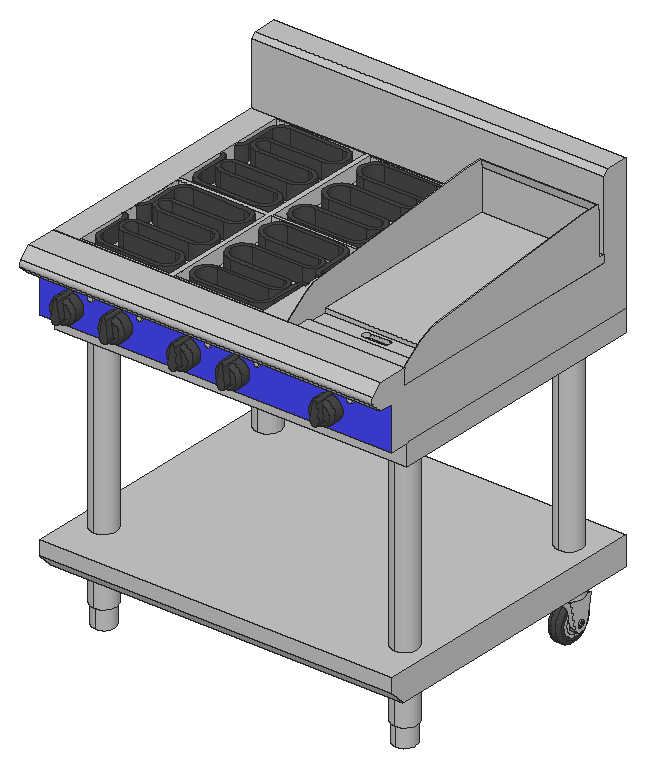
Revit family "QF_MOFFAT_BLUESEAL_CE_E516C-LS", category Specialty Equipment, Revit 2012 (continued)
Definition of nested family "ELECTRIC BURNER 600 & GRIDDLE 300"
  Lines and regions (mm)
    symbolic lines
      curve 13: line (534.388, -141.293, 0) -> (534.388, -130.9, 0)
      curve 14: arc (534.388, -130.9, 0) -> (527.028, -125.276, 0) -> (524.088, -116.493, 0) r 15.79
      curve 15: line (524.088, -116.493, 0) -> (524.088, -45.214, 0)
      curve 16: arc (524.088, -45.214, 0) -> (512.487, -19.649, 0) -> (486.216, -9.75, 0) r 36.722
      curve 17: line (486.216, -9.75, 0) -> (353.788, -9.75, 0)
      curve 18: arc (353.788, -9.75, 0) -> (316.088, -47.45, 0) -> (353.788, -85.15, 0) r 37.7
      curve 19: line (353.788, -85.15, 0) -> (486.388, -85.15, 0)
      curve 20: arc (486.388, -85.15, 0) -> (504.088, -102.85, 0) -> (486.388, -120.55, 0) r 17.7
      curve 21: line (486.388, -120.55, 0) -> (353.788, -120.55, 0)
      curve 22: arc (353.788, -120.55, 0) -> (316.088, -158.25, 0) -> (353.788, -195.95, 0) r 37.7
      curve 23: line (353.788, -195.95, 0) -> (486.388, -195.95, 0)
      curve 24: arc (486.388, -195.95, 0) -> (504.088, -213.65, 0) -> (486.388, -231.35, 0) r 17.7
      curve 25: line (486.388, -231.35, 0) -> (353.788, -231.35, 0)
      curve 26: arc (353.788, -231.35, 0) -> (316.088, -269.05, 0) -> (353.788, -306.75, 0) r 37.7
      curve 27: line (353.788, -306.75, 0) -> (486.216, -306.75, 0)
      curve 28: arc (486.216, -306.75, 0) -> (512.487, -296.851, 0) -> (524.088, -271.286, 0) r 36.722
      curve 29: line (524.088, -271.286, 0) -> (524.088, -200.019, 0)
      curve 30: arc (524.088, -200.019, 0) -> (527.036, -191.21, 0) -> (534.388, -185.532, 0) r 15.973
      curve 31: line (534.388, -185.532, 0) -> (534.388, -175.119, 0)
      curve 32: arc (534.388, -175.119, 0) -> (519.963, -184.005, 0) -> (514.088, -199.896, 0) r 25.973
      curve 33: line (514.088, -199.896, 0) -> (514.088, -271.104, 0)
      curve 34: arc (514.088, -271.104, 0) -> (505.541, -289.655, 0) -> (486.388, -296.75, 0) r 26.722
      curve 35: line (486.388, -296.75, 0) -> (353.788, -296.75, 0)
      curve 36: arc (353.788, -296.75, 0) -> (326.088, -269.05, 0) -> (353.788, -241.35, 0) r 27.7
      curve 37: line (353.788, -241.35, 0) -> (485.763, -241.35, 0)
      curve 38: arc (485.763, -241.35, 0) -> (513.463, -213.65, 0) -> (485.763, -185.95, 0) r 27.7
      curve 39: line (485.763, -185.95, 0) -> (353.788, -185.95, 0)
      curve 40: arc (353.788, -185.95, 0) -> (326.088, -158.25, 0) -> (353.788, -130.55, 0) r 27.7
      curve 41: line (353.788, -130.55, 0) -> (486.231, -130.55, 0)
      curve 42: arc (486.231, -130.55, 0) -> (513.931, -102.85, 0) -> (486.231, -75.15, 0) r 27.7
      curve 43: line (486.231, -75.15, 0) -> (353.788, -75.15, 0)
      curve 44: arc (353.788, -75.15, 0) -> (326.088, -47.45, 0) -> (353.788, -19.75, 0) r 27.7
      curve 45: line (113.612, -19.75, 0) -> (246.212, -19.75, 0)
      curve 46: arc (246.212, -19.75, 0) -> (273.912, -47.45, 0) -> (246.212, -75.15, 0) r 27.7
      curve 47: line (246.212, -75.15, 0) -> (113.769, -75.15, 0)
      curve 48: arc (113.769, -75.15, 0) -> (86.069, -102.85, 0) -> (113.769, -130.55, 0) r 27.7
      curve 49: line (113.769, -130.55, 0) -> (246.212, -130.55, 0)
      curve 50: arc (246.212, -130.55, 0) -> (273.912, -158.25, 0) -> (246.212, -185.95, 0) r 27.7
      curve 51: line (246.212, -185.95, 0) -> (114.237, -185.95, 0)
      curve 52: arc (114.237, -185.95, 0) -> (86.537, -213.65, 0) -> (114.237, -241.35, 0) r 27.7
      curve 53: line (114.237, -241.35, 0) -> (246.212, -241.35, 0)
      curve 54: arc (246.212, -241.35, 0) -> (273.912, -269.05, 0) -> (246.212, -296.75, 0) r 27.7
      curve 55: line (246.212, -296.75, 0) -> (113.612, -296.75, 0)
      curve 56: arc (113.612, -296.75, 0) -> (94.459, -289.655, 0) -> (85.912, -271.104, 0) r 26.722
      curve 57: line (85.912, -271.104, 0) -> (85.912, -199.896, 0)
      curve 58: arc (85.912, -199.896, 0) -> (80.037, -184.005, 0) -> (65.612, -175.119, 0) r 25.973
      curve 59: line (65.612, -175.119, 0) -> (65.612, -185.532, 0)
      curve 60: arc (65.612, -185.532, 0) -> (72.964, -191.21, 0) -> (75.912, -200.019, 0) r 15.973
      curve 61: line (75.912, -200.019, 0) -> (75.912, -271.286, 0)
      curve 62: arc (75.912, -271.286, 0) -> (87.513, -296.851, 0) -> (113.784, -306.75, 0) r 36.722
      curve 63: line (113.784, -306.75, 0) -> (246.212, -306.75, 0)
      curve 64: arc (246.212, -306.75, 0) -> (283.912, -269.05, 0) -> (246.212, -231.35, 0) r 37.7
      curve 65: line (246.212, -231.35, 0) -> (113.612, -231.35, 0)
      curve 66: arc (113.612, -231.35, 0) -> (95.912, -213.65, 0) -> (113.612, -195.95, 0) r 17.7
      curve 67: line (113.612, -195.95, 0) -> (246.212, -195.95, 0)
      curve 68: arc (246.212, -195.95, 0) -> (283.912, -158.25, 0) -> (246.212, -120.55, 0) r 37.7
      curve 69: line (246.212, -120.55, 0) -> (113.612, -120.55, 0)
      curve 70: arc (113.612, -120.55, 0) -> (95.912, -102.85, 0) -> (113.612, -85.15, 0) r 17.7
      curve 71: line (113.612, -85.15, 0) -> (246.212, -85.15, 0)
      curve 72: arc (246.212, -85.15, 0) -> (283.912, -47.45, 0) -> (246.212, -9.75, 0) r 37.7
      curve 73: line (246.212, -9.75, 0) -> (113.784, -9.75, 0)
      curve 74: arc (113.784, -9.75, 0) -> (87.513, -19.649, 0) -> (75.912, -45.214, 0) r 36.722
      curve 75: line (75.912, -45.214, 0) -> (75.912, -116.493, 0)
      curve 76: arc (75.912, -116.493, 0) -> (72.972, -125.276, 0) -> (65.612, -130.9, 0) r 15.79
      curve 77: line (65.612, -130.9, 0) -> (65.612, -141.293, 0)
      curve 78: arc (65.612, -141.293, 0) -> (80.048, -132.472, 0) -> (85.912, -116.604, 0) r 25.79
      curve 79: line (85.912, -116.604, 0) -> (85.912, -45.396, 0)
      curve 80: arc (85.912, -45.396, 0) -> (94.459, -26.845, 0) -> (113.612, -19.75, 0) r 26.722
      curve 81: line (246.212, -387.65, 0) -> (114.862, -387.65, 0)
      curve 82: arc (114.862, -387.65, 0) -> (87.162, -415.35, 0) -> (114.862, -443.05, 0) r 27.7
      curve 83: line (114.862, -443.05, 0) -> (246.212, -443.05, 0)
      curve 84: arc (246.212, -443.05, 0) -> (273.912, -470.75, 0) -> (246.212, -498.45, 0) r 27.7
      curve 85: line (246.212, -498.45, 0) -> (114.862, -498.45, 0)
      curve 86: arc (114.862, -498.45, 0) -> (87.162, -526.15, 0) -> (114.862, -553.85, 0) r 27.7
      curve 87: line (114.862, -553.85, 0) -> (246.212, -553.85, 0)
      curve 88: arc (246.212, -553.85, 0) -> (273.912, -581.55, 0) -> (246.212, -609.25, 0) r 27.7
      curve 89: line (246.212, -609.25, 0) -> (113.612, -609.25, 0)
      curve 90: arc (113.612, -609.25, 0) -> (94.459, -602.155, 0) -> (85.912, -583.604, 0) r 26.722
      curve 91: line (85.912, -583.604, 0) -> (85.912, -512.396, 0)
      curve 92: arc (85.912, -512.396, 0) -> (79.848, -496.287, 0) -> (65, -487.582, 0) r 25.79
      curve 93: line (65, -487.582, 0) -> (65, -497.888, 0)
      curve 94: arc (65, -497.888, 0) -> (72.781, -503.462, 0) -> (75.912, -512.507, 0) r 15.79
      curve 95: line (75.912, -512.507, 0) -> (75.912, -583.786, 0)
      curve 96: arc (75.912, -583.786, 0) -> (87.513, -609.351, 0) -> (113.784, -619.25, 0) r 36.722
      curve 97: line (113.784, -619.25, 0) -> (246.212, -619.25, 0)
      curve 98: arc (246.212, -619.25, 0) -> (283.912, -581.55, 0) -> (246.212, -543.85, 0) r 37.7
      curve 99: line (246.212, -543.85, 0) -> (113.612, -543.85, 0)
      curve 100: arc (113.612, -543.85, 0) -> (95.912, -526.15, 0) -> (113.612, -508.45, 0) r 17.7
      curve 101: line (113.612, -508.45, 0) -> (246.212, -508.45, 0)
      curve 102: arc (246.212, -508.45, 0) -> (283.912, -470.75, 0) -> (246.212, -433.05, 0) r 37.7
      curve 103: line (246.212, -433.05, 0) -> (113.612, -433.05, 0)
      curve 104: arc (113.612, -433.05, 0) -> (95.912, -415.35, 0) -> (113.612, -397.65, 0) r 17.7
      curve 105: line (113.612, -397.65, 0) -> (246.212, -397.65, 0)
      curve 106: arc (246.212, -397.65, 0) -> (283.912, -359.95, 0) -> (246.212, -322.25, 0) r 37.7
      curve 107: line (246.212, -322.25, 0) -> (113.784, -322.25, 0)
      curve 108: arc (113.784, -322.25, 0) -> (87.513, -332.149, 0) -> (75.912, -357.714, 0) r 36.722
      curve 109: line (75.912, -357.714, 0) -> (75.912, -428.981, 0)
      curve 110: arc (75.912, -428.981, 0) -> (72.964, -437.79, 0) -> (65.612, -443.468, 0) r 15.973
      curve 111: line (65.612, -443.468, 0) -> (65.612, -453.881, 0)
      curve 112: arc (65.612, -453.881, 0) -> (80.037, -444.995, 0) -> (85.912, -429.104, 0) r 25.973
      curve 113: line (85.912, -429.104, 0) -> (85.912, -357.896, 0)
      curve 114: arc (85.912, -357.896, 0) -> (94.459, -339.345, 0) -> (113.612, -332.25, 0) r 26.722
      curve 115: line (113.612, -332.25, 0) -> (246.212, -332.25, 0)
      curve 116: arc (246.212, -332.25, 0) -> (273.912, -359.95, 0) -> (246.212, -387.65, 0) r 27.7
      curve 117: line (353.788, -397.65, 0) -> (486.388, -397.65, 0)
      curve 118: arc (486.388, -397.65, 0) -> (504.088, -415.35, 0) -> (486.388, -433.05, 0) r 17.7
      curve 119: line (486.388, -433.05, 0) -> (353.788, -433.05, 0)
      curve 120: arc (353.788, -433.05, 0) -> (316.088, -470.75, 0) -> (353.788, -508.45, 0) r 37.7
      curve 121: line (353.788, -508.45, 0) -> (486.388, -508.45, 0)
      curve 122: arc (486.388, -508.45, 0) -> (504.088, -526.15, 0) -> (486.388, -543.85, 0) r 17.7
      curve 123: line (486.388, -543.85, 0) -> (353.788, -543.85, 0)
      curve 124: arc (353.788, -543.85, 0) -> (316.088, -581.55, 0) -> (353.788, -619.25, 0) r 37.7
      curve 125: line (353.788, -619.25, 0) -> (486.216, -619.25, 0)
      curve 126: arc (486.216, -619.25, 0) -> (512.487, -609.351, 0) -> (524.088, -583.786, 0) r 36.722
      curve 127: line (524.088, -583.786, 0) -> (524.088, -512.507, 0)
      curve 128: arc (524.088, -512.507, 0) -> (527.219, -503.462, 0) -> (535, -497.888, 0) r 15.79
      curve 129: line (535, -497.888, 0) -> (535, -487.582, 0)
      curve 130: arc (535, -487.582, 0) -> (520.152, -496.287, 0) -> (514.088, -512.396, 0) r 25.79
      curve 131: line (514.088, -512.396, 0) -> (514.088, -583.604, 0)
      curve 132: arc (514.088, -583.604, 0) -> (505.541, -602.155, 0) -> (486.388, -609.25, 0) r 26.722
      curve 133: line (486.388, -609.25, 0) -> (353.788, -609.25, 0)
      curve 134: arc (353.788, -609.25, 0) -> (326.088, -581.55, 0) -> (353.788, -553.85, 0) r 27.7
      curve 135: line (353.788, -553.85, 0) -> (485.138, -553.85, 0)
      curve 136: arc (485.138, -553.85, 0) -> (512.838, -526.15, 0) -> (485.138, -498.45, 0) r 27.7
      curve 137: line (485.138, -498.45, 0) -> (353.788, -498.45, 0)
      curve 138: arc (353.788, -498.45, 0) -> (326.088, -470.75, 0) -> (353.788, -443.05, 0) r 27.7
      curve 139: line (353.788, -443.05, 0) -> (485.138, -443.05, 0)
      curve 140: arc (485.138, -443.05, 0) -> (512.838, -415.35, 0) -> (485.138, -387.65, 0) r 27.7
      curve 141: line (485.138, -387.65, 0) -> (353.788, -387.65, 0)
      curve 142: arc (353.788, -387.65, 0) -> (326.088, -359.95, 0) -> (353.788, -332.25, 0) r 27.7
      curve 143: line (353.788, -332.25, 0) -> (486.388, -332.25, 0)
      curve 144: arc (486.388, -332.25, 0) -> (505.541, -339.345, 0) -> (514.088, -357.896, 0) r 26.722
      curve 145: line (514.088, -357.896, 0) -> (514.088, -429.104, 0)
      curve 146: arc (514.088, -429.104, 0) -> (519.963, -444.995, 0) -> (534.388, -453.881, 0) r 25.973
      curve 147: line (534.388, -453.881, 0) -> (534.388, -443.468, 0)
      curve 148: arc (534.388, -443.468, 0) -> (527.036, -437.79, 0) -> (524.088, -428.981, 0) r 15.973
      curve 149: line (524.088, -428.981, 0) -> (524.088, -357.714, 0)
      curve 150: arc (524.088, -357.714, 0) -> (512.487, -332.149, 0) -> (486.216, -322.25, 0) r 36.722
      curve 151: line (486.216, -322.25, 0) -> (353.788, -322.25, 0)
      curve 152: arc (353.788, -322.25, 0) -> (316.088, -359.95, 0) -> (353.788, -397.65, 0) r 37.7
      curve 153: line (0, 0, 0) -> (0, -635, 0)
      curve 154: line (0, -635, 0) -> (600, -635, 0)
      curve 155: line (600, -635, 0) -> (600, 0, 0)
      curve 156: line (600, 0, 0) -> (0, 0, 0)
      curve 157: line (65.8, -320.251, 0) -> (294.362, -320.251, 0)
      curve 158: line (294.362, -320.251, 0) -> (294.362, -630, 0)
      curve 159: line (294.362, -630, 0) -> (65.8, -630, 0)
      curve 160: line (65.8, -630, 0) -> (65.8, -320.251, 0)
      curve 161: line (305.638, -320.251, 0) -> (534.388, -320.251, 0)
      curve 162: line (534.388, -320.251, 0) -> (534.388, -630, 0)
      curve 163: line (534.388, -630, 0) -> (305.638, -630, 0)
      curve 164: line (305.638, -630, 0) -> (305.638, -320.251, 0)
      curve 165: line (305.638, -312.651, 0) -> (305.638, -5, 0)
      curve 166: line (305.638, -5, 0) -> (534.388, -5, 0)
      curve 167: line (534.388, -5, 0) -> (534.388, -312.651, 0)
      curve 168: line (534.388, -312.651, 0) -> (305.638, -312.651, 0)
      curve 169: line (65.8, -312.651, 0) -> (65.8, -5, 0)
      curve 170: line (65.8, -5, 0) -> (294.362, -5, 0)
      curve 171: line (294.362, -5, 0) -> (294.362, -312.651, 0)
      curve 172: line (294.362, -312.651, 0) -> (65.8, -312.651, 0)
  Dimensions and locks
    equal spacing: plane 3 "LEFT", plane 7 "Center Y", plane 4 "RIGHT"
    "Width": plane 3 "LEFT" to plane 4 "RIGHT"
    equal spacing: plane 5 "FRONT", plane 8 "Center X", plane 1 "BACK"
    "Depth": plane 5 "FRONT" to plane 1 "BACK"
    aligned and locked: level to plane 2
  Automatic sketch dimensions
    curve 10 to curve 16 = 0 mm  (x2)
    curve 12 to curve 14 = 0 mm  (x2)
    curve 18 to curve 44 = 0 mm  (x2)
    curve 22 to curve 40 = 0 mm  (x2)
    curve 26 to curve 36 = 0 mm  (x2)
    curve 28 to curve 34 = 0 mm  (x2)
    curve 30 to curve 32 = 0 mm  (x2)
    curve 46 to curve 72 = 0 mm  (x2)
    curve 50 to curve 68 = 0 mm  (x2)
    curve 54 to curve 64 = 0 mm  (x2)
    curve 56 to curve 62 = 0 mm  (x2)
    curve 58 to curve 60 = 0 mm  (x2)
    curve 74 to curve 80 = 0 mm  (x2)
    curve 76 to curve 78 = 0 mm  (x2)
    curve 84 to curve 102 = 0 mm  (x2)
    curve 88 to curve 98 = 0 mm  (x2)
    curve 90 to curve 96 = 0 mm  (x2)
    curve 92 to curve 94 = 0 mm  (x2)
    curve 106 to curve 116 = 0 mm  (x2)
    curve 108 to curve 114 = 0 mm  (x2)
    curve 110 to curve 112 = 0 mm  (x2)
    curve 120 to curve 138 = 0 mm  (x2)
    curve 124 to curve 134 = 0 mm  (x2)
    curve 126 to curve 132 = 0 mm  (x2)
    curve 128 to curve 130 = 0 mm  (x2)
    curve 142 to curve 152 = 0 mm  (x2)
    curve 144 to curve 150 = 0 mm  (x2)
    curve 146 to curve 148 = 0 mm  (x2)
    curve 154 to plane 3 "LEFT" = 0 mm
    plane 5 "FRONT" to curve 1 = 0 mm
    plane 1 "BACK" to curve 155 = 0 mm
    plane 3 "LEFT" to curve 110 = 59.946 mm
    plane 3 "LEFT" to curve 60 = 59.946 mm
    plane 3 "LEFT" to curve 78 = 60.128 mm
    plane 3 "LEFT" to curve 94 = 60.128 mm
    curve 92 to curve 94 = 4.872 mm
    curve 76 to curve 77 = 5.484 mm
    curve 110 to curve 112 = 5.667 mm
    curve 58 to curve 60 = 5.667 mm
    plane 8 "Center X" to curve 172 = 4.849 mm
    plane 3 "LEFT" to curve 172 = 65.8 mm
    curve 92 to curve 94 = 15.784 mm
    curve 169 to curve 74 = 10.112 mm
    curve 159 to curve 96 = 10.112 mm
    curve 169 to curve 61 = 10.112 mm
    curve 110 to curve 110 = 15.967 mm
    curve 60 to curve 57 = 10 mm
    curve 110 to curve 112 = 10 mm
    curve 74 to curve 80 = 10 mm
    curve 95 to curve 90 = 10 mm
    curve 113 to curve 114 = 26.701 mm
    curve 91 to curve 96 = 26.701 mm
    curve 57 to curve 56 = 26.701 mm
    curve 91 to curve 101 = 27.7 mm
    curve 74 to curve 71 = 0.999 mm
    curve 56 to curve 65 = 0.999 mm
    curve 112 to curve 103 = 27.7 mm
    curve 74 to curve 80 = 0.999 mm
    curve 108 to curve 114 = 0.999 mm
    curve 56 to curve 55 = 0.999 mm
    curve 90 to curve 90 = 0.999 mm
    curve 69 to curve 48 = 0.156 mm
    curve 89 to curve 97 = 0.172 mm
    curve 55 to curve 63 = 0.172 mm
    curve 45 to curve 73 = 0.172 mm
    curve 108 to plane 8 "Center X" = 4.75 mm
    curve 115 to curve 108 = 0.172 mm
    curve 66 to curve 52 = 0.625 mm
    curve 99 to curve 87 = 1.25 mm
    curve 104 to curve 82 = 1.25 mm
    curve 89 to plane 5 "FRONT" = 25.75 mm
    curve 89 to curve 89 = 132.6 mm
    curve 55 to curve 54 = 132.6 mm
    curve 51 to curve 64 = 0 mm
    curve 47 to curve 68 = 0 mm
    curve 101 to curve 99 = 0 mm
    curve 105 to curve 103 = 0 mm
    curve 64 to curve 171 = 48.15 mm
    curve 4 to plane 8 "Center X" = 2.751 mm
    curve 4 to curve 171 = 0 mm
    curve 5 to plane 5 "FRONT" = 0.299 mm
    curve 5 to curve 158 = 0 mm
    plane 8 "Center X" to curve 168 = 4.849 mm
    plane 1 "BACK" to curve 165 = 5 mm
    curve 170 to curve 165 = 11.275 mm
    curve 164 to plane 8 "Center X" = 2.751 mm
    curve 164 to curve 165 = 0 mm
    curve 5 to curve 163 = 0 mm
    curve 165 to curve 44 = 48.15 mm
    curve 163 to curve 134 = 48.15 mm
    curve 6 to curve 152 = 48.15 mm
    curve 137 to curve 124 = 0 mm
    curve 41 to curve 18 = 0 mm
    curve 37 to curve 22 = 0 mm
    plane 7 "Center Y" to curve 136 = 35.138 mm
    plane 7 "Center Y" to curve 139 = 35.138 mm
    plane 7 "Center Y" to curve 39 = 35.763 mm
    plane 1 "BACK" to curve 16 = 9.75 mm
    plane 7 "Center Y" to curve 16 = 36.216 mm
    curve 151 to plane 8 "Center X" = 4.75 mm
    curve 27 to curve 150 = 0 mm
    curve 126 to plane 5 "FRONT" = 15.75 mm
    plane 7 "Center Y" to curve 126 = 36.216 mm
    curve 140 to curve 119 = 1.25 mm
    curve 137 to curve 122 = 1.25 mm
    curve 150 to curve 143 = 0.172 mm
    curve 42 to curve 20 = 0.156 mm
    curve 39 to curve 24 = 0.625 mm
    curve 27 to curve 35 = 0.172 mm
    curve 16 to curve 10 = 0.172 mm
    curve 125 to curve 132 = 0.172 mm
    curve 143 to curve 144 = 0.999 mm
    curve 132 to curve 132 = 0.999 mm
    curve 10 to curve 16 = 0.999 mm
    curve 34 to curve 28 = 0.999 mm
    curve 28 to curve 33 = 26.701 mm
    curve 121 to curve 130 = 27.7 mm
    curve 20 to curve 12 = 27.7 mm
    curve 119 to curve 146 = 27.7 mm
    curve 10 to curve 10 = 26.701 mm
    curve 145 to curve 149 = 10 mm
    curve 131 to curve 126 = 10 mm
    curve 33 to curve 29 = 10 mm
    curve 10 to curve 16 = 10 mm
    curve 15 to curve 167 = 10.3 mm
    curve 14 to curve 13 = 10.3 mm
    curve 125 to curve 8 = 48.172 mm
    curve 29 to curve 31 = 10.3 mm
    curve 148 to curve 148 = 10.3 mm
    curve 127 to curve 130 = 10.912 mm
    curve 127 to curve 130 = 15.784 mm
    curve 13 to curve 14 = 5.484 mm
    curve 148 to curve 148 = 15.967 mm
    curve 29 to curve 32 = 15.967 mm
    curve 7 to curve 154 = 65.612 mm
    curve 162 to plane 5 "FRONT" = 5 mm
    curve 5 to curve 159 = 4.701 mm
    curve 125 to curve 134 = 10 mm
    curve 90 to curve 95 = 25.464 mm
    curve 132 to curve 126 = 25.464 mm
    curve 133 to curve 124 = 27.7 mm
    curve 89 to curve 88 = 27.7 mm
    curve 99 to curve 100 = 17.7 mm
    curve 123 to curve 136 = 17.7 mm
    curve 136 to curve 122 = 0 mm
    curve 100 to curve 86 = 0 mm
    curve 128 to curve 122 = 4.457 mm
    curve 94 to curve 100 = 4.457 mm
    curve 92 to curve 95 = 0.4 mm
    curve 128 to curve 127 = 0.4 mm
    curve 127 to curve 131 = 0.111 mm
    curve 94 to curve 91 = 0.111 mm
    curve 137 to curve 138 = 27.7 mm
    curve 93 to curve 112 = 33.7 mm
    curve 146 to curve 148 = 10.413 mm
    curve 112 to curve 110 = 10.413 mm
    curve 147 to curve 140 = 0.418 mm
    curve 83 to curve 103 = 10 mm
    curve 148 to curve 146 = 14.364 mm
    curve 110 to curve 112 = 14.364 mm
    curve 103 to curve 82 = 17.7 mm
    curve 119 to curve 118 = 17.7 mm
    curve 140 to curve 118 = 0 mm
    curve 104 to curve 82 = 0 mm
    curve 116 to curve 116 = 27.7 mm
    curve 144 to curve 145 = 1.058 mm
    curve 114 to curve 108 = 0.182 mm
    curve 144 to curve 149 = 0.182 mm
    plane 8 "Center X" to curve 27 = 10.75 mm
    plane 8 "Center X" to curve 62 = 10.75 mm
    curve 63 to curve 54 = 10 mm
    curve 27 to curve 36 = 10 mm
    curve 35 to curve 26 = 27.7 mm
    curve 54 to curve 54 = 27.7 mm
    curve 56 to curve 52 = 28.696 mm
    curve 28 to curve 38 = 28.696 mm
    curve 65 to curve 66 = 17.7 mm
    curve 25 to curve 38 = 17.7 mm
    curve 38 to curve 24 = 0 mm
    curve 66 to curve 52 = 0 mm
    curve 30 to curve 24 = 4.516 mm
    curve 58 to curve 66 = 4.516 mm
    curve 58 to curve 61 = 0.447 mm
    curve 30 to curve 29 = 0.447 mm
    curve 60 to curve 57 = 0.123 mm
    curve 29 to curve 32 = 0.123 mm
    curve 50 to curve 68 = 27.7 mm
    curve 58 to curve 77 = 33.826 mm
    curve 77 to curve 76 = 10.393 mm
    curve 12 to curve 14 = 10.393 mm
    curve 13 to curve 42 = 0.35 mm
    curve 76 to curve 79 = 14.296 mm
    curve 13 to curve 12 = 14.296 mm
    curve 20 to curve 42 = 17.7 mm
    curve 69 to curve 70 = 17.7 mm
    curve 42 to curve 20 = 0 mm
    curve 70 to curve 48 = 0 mm
    curve 43 to curve 18 = 27.7 mm
    curve 46 to curve 46 = 27.7 mm
    curve 74 to curve 79 = 1.058 mm
    curve 11 to curve 16 = 0.182 mm
    curve 79 to curve 75 = 0.182 mm
    plane 1 "BACK" to curve 171 = 5 mm
    plane 1 "BACK" to Extrusion 1 sketch curve = 0 mm
    Extrusion 1 sketch curve to plane 9 = 0 mm  (x2)
    Extrusion 1 sketch curve to plane 3 "LEFT" = 0 mm
    plane 5 "FRONT" to Extrusion 1 sketch curve = 0 mm
    plane 1 "BACK" to Extrusion 1 sketch curve = 5 mm  (x2)
    plane 8 "Center X" to Extrusion 1 sketch curve = 4.849 mm  (x2)
    Extrusion 1 sketch curve to plane 8 "Center X" = 2.751 mm  (x2)
    Extrusion 1 sketch curve to plane 5 "FRONT" = 5 mm  (x2)
    Extrusion 1 sketch curve to plane 7 "Center Y" = 155.638 mm
    Extrusion 1 sketch curve to Extrusion 1 sketch curve = 0 mm  (x3)
    Extrusion 1 sketch curve to Extrusion 1 sketch curve = 11.275 mm
    plane 7 "Center Y" to Extrusion 1 sketch curve = 84.388 mm
    Extrusion 1 sketch curve to Extrusion 1 sketch curve = 65.612 mm
    Extrusion 2 sketch curve to Extrusion 2 sketch curve = 0 mm  (x72)
    plane 1 "BACK" to Extrusion 2 sketch curve = 9.75 mm  (x2)
    Extrusion 2 sketch curve to Extrusion 2 sketch curve = 10 mm  (x4)
    plane 1 "BACK" to Extrusion 2 sketch curve = 45.214 mm  (x2)
    Extrusion 2 sketch curve to Extrusion 2 sketch curve = 0.182 mm  (x8)
    Extrusion 2 sketch curve to Extrusion 2 sketch curve = 26.704 mm  (x7)
    Extrusion 2 sketch curve to Extrusion 2 sketch curve = 1.058 mm  (x5)
    Extrusion 2 sketch curve to Extrusion 2 sketch curve = 27.7 mm  (x14)
    Extrusion 2 sketch curve to Extrusion 2 sketch curve = 17.7 mm  (x8)
    Extrusion 2 sketch curve to Extrusion 2 sketch curve = 4.457 mm  (x2)
    Extrusion 2 sketch curve to Extrusion 2 sketch curve = 0.4 mm  (x3)
    Extrusion 2 sketch curve to Extrusion 2 sketch curve = 0.111 mm  (x4)
    Extrusion 2 sketch curve to Extrusion 2 sketch curve = 14.806 mm  (x2)
    Extrusion 2 sketch curve to Extrusion 2 sketch curve = 10.393 mm  (x2)
    Extrusion 2 sketch curve to Extrusion 2 sketch curve = 33.826 mm  (x2)
    Extrusion 2 sketch curve to Extrusion 2 sketch curve = 10.413 mm  (x4)
    Extrusion 2 sketch curve to Extrusion 2 sketch curve = 14.364 mm  (x2)
    Extrusion 2 sketch curve to Extrusion 2 sketch curve = 0.123 mm  (x4)
    Extrusion 2 sketch curve to Extrusion 2 sketch curve = 0.447 mm  (x3)
    Extrusion 2 sketch curve to Extrusion 2 sketch curve = 14.934 mm  (x3)
    Extrusion 2 sketch curve to plane 8 "Center X" = 4.75 mm  (x2)
    Extrusion 2 sketch curve to plane 8 "Center X" = 40.214 mm  (x2)
    Extrusion 2 sketch curve to Extrusion 2 sketch curve = 4.516 mm  (x2)
    Extrusion 2 sketch curve to Extrusion 2 sketch curve = 33.7 mm  (x2)
    Extrusion 2 sketch curve to Extrusion 2 sketch curve = 10.306 mm  (x2)
    Extrusion 2 sketch curve to Extrusion 2 sketch curve = 14.508 mm  (x2)
    Extrusion 2 sketch curve to Extrusion 2 sketch curve = 15.019 mm
    plane 3 "LEFT" to Extrusion 2 sketch curve = 59.946 mm  (x2)
    plane 3 "LEFT" to Extrusion 2 sketch curve = 60.128 mm  (x2)
    Extrusion 2 sketch curve to Extrusion 2 sketch curve = 4.872 mm
    Extrusion 2 sketch curve to Extrusion 2 sketch curve = 5.667 mm  (x2)
    Extrusion 2 sketch curve to Extrusion 2 sketch curve = 5.484 mm
    Extrusion 2 sketch curve to Extrusion 2 sketch curve = 26.701 mm  (x4)
    Extrusion 2 sketch curve to Extrusion 2 sketch curve = 0.999 mm  (x6)
    Extrusion 2 sketch curve to Extrusion 2 sketch curve = 0.156 mm  (x2)
    Extrusion 2 sketch curve to Extrusion 2 sketch curve = 0.625 mm  (x2)
    Extrusion 2 sketch curve to Extrusion 2 sketch curve = 1.25 mm  (x4)
    Extrusion 2 sketch curve to Extrusion 2 sketch curve = 132.6 mm
    Extrusion 2 sketch curve to Extrusion 2 sketch curve = 132.428 mm
    Extrusion 2 sketch curve to plane 7 "Center Y" = 96.212 mm  (x3)
    plane 7 "Center Y" to Extrusion 2 sketch curve = 35.138 mm  (x2)
    plane 7 "Center Y" to Extrusion 2 sketch curve = 35.763 mm
    plane 7 "Center Y" to Extrusion 2 sketch curve = 36.216 mm  (x3)
    plane 7 "Center Y" to Extrusion 2 sketch curve = 36.231 mm
    Extrusion 2 sketch curve to Extrusion 2 sketch curve = 0.172 mm  (x4)
  Nested families
    nested 1: "ELECTRIC GRIDDLE PLATE 300" at (600, -15, 0), type "ELECTRIC GRIDDLE PLATE 300"
      with Width 300 mm, Type Mark "", Status "", Specification by User "", Show Clearance yes, Revision Code "", Number of Poles 1, Mechanical Remarks "", Mechanical Connection Type "", Item Number "", Installed By "", Identify Quantity as Lot yes, Gas RI Height 0 mm, Gas KW 0, Gas Input 0.0 Btu/h, Furnished By "", Foodservice Equipment Identifier yes, Electrical Remarks "", Electric Connection Type "", Elec Conn RI Height 0 mm, Elec Conn Connection Height 0 mm, Depth 620 mm
  Definition of nested family "ELECTRIC GRIDDLE PLATE 300"
    Parameters (values of type "ELECTRIC GRIDDLE PLATE 300")
      Width [instance] = 300 mm
      Weight in Pounds = 0
      Watts = 0 W
      Volts = 0 V
      URL Cutsheet = ""
      Type Mark [instance] = ""
      Status [instance] = ""
      Specification by User [instance] = ""
      Specification by Manufacturer = ""
      Show Clearance [instance] = yes
      Serial Number = ""
      Seismic Rating = ""
      SMACNA No = ""
      Revision Code [instance] = ""
      Phase = 1
      Omniclass Number and Title = ""
      Number of Poles [instance] = 1
      NAFEM Spec ID Number = ""
      Min Ckt Ampacity = 0 A
      Mechanical Remarks [instance] = ""
      Mechanical Connection Type [instance] = ""
      Max Overcurrent Protection = 0 A
      Masterspec = ""
      Item Number [instance] = ""
      Installed By [instance] = ""
      Identify Quantity as Lot [instance] = yes
      HP = ""
      Gas Size = 0"
      Gas RI Height [instance] = 0 mm
      Gas KW [instance] = 0
      Gas Input [instance] = 0.0 Btu/h
      Gas Connection Height = 0 mm
      Furnished By [instance] = ""
      Foodservice Equipment Identifier [instance] = yes
      FL Amps = 0 A
      Electrical Remarks [instance] = ""
      Electric Connection Type [instance] = ""
      Elec Conn RI Height [instance] = 0 mm
      Elec Conn Connection Height [instance] = 0 mm
      Depth [instance] = 620 mm
      Cycle = 0 Hz
      Conn Plug = ""
      Conn Conduit = yes
      CSI MasterFormat = ""
      CSI Master Format = ""
      Apparent Power = if(Phase = 3, Volts * FL Amps * 1.73, Volts * FL Amps)  # 0 VA
    Reference planes
      plane 1 "BACK": y = 0
      plane 2: z = 0
      plane 3 "LEFT": x = 0
      plane 4 "RIGHT": x = 300
      plane 5 "FRONT": y = -620
      plane 6 "TOP": z = 142.5
      plane 7 "Center Y": x = 150
      plane 8 "Center X": y = -310
      plane 9: y = -530.997
      plane 10: y = -541.497
      plane 11: y = -503.25
      plane 12: y = -557.737
    Forms (mm)
      Extrusion 1, solid, material "QF_Finishes_Stainless Steel"
        sketch origin (0, 70.003, -874.5) x (0, 1, 0) y (0, 0, 1)
          loop
            line (-70, 875) -> (-70, 997.489) -> (-75.228, 1017) -> (-117.24, 1017) -> (-589.533, 971.523)
            arc (-589.533, 971.523) -> (-614.56, 965.803) -> (-637.306, 953.899) r 100
            line (-637.306, 953.899) -> (-690.003, 917) -> (-690.003, 875) -> (-70, 875)
        from 0 to 1.8
      Extrusion 2, solid, material "QF_Finishes_Stainless Steel"
        sketch origin (600, 70.003, -874.5) x (0, -1, 0) y (0, 0, 1)
          loop
            line (70, 875) -> (690.003, 875) -> (690.003, 917) -> (637.306, 953.899)
            arc (637.306, 953.899) -> (614.56, 965.803) -> (589.533, 971.523) r 100
            line (589.533, 971.523) -> (117.24, 1017) -> (75.228, 1017) -> (70, 997.489) -> (70, 875)
        from 300 to 301.2
      Extrusion 3, solid, material "QF_Finishes_Stainless Steel"
        sketch origin (150, 70.003, -874.5) x (0, 1, 0) y (0, 0, 1)
          loop
            line (-55, 895) -> (-573.253, 895) -> (-573.253, 884.5) -> (-627.74, 884.5) -> (-627.74, 895) -> (-690.003, 895) -> (-690.003, 875) -> (-55, 875) -> (-55, 895)
        from -150 to 150
      Extrusion 4, void
        sketch origin (150, -541.497, 10) x (0, -1, 0) y (1, 0, 0)
          loop
            arc (-7.497, 25) -> (-17.497, 35) -> (-27.497, 25) r 10
            line (-27.497, 25) -> (-27.497, -25)
            arc (-27.497, -25) -> (-17.497, -35) -> (-7.497, -25) r 10
            line (-7.497, -25) -> (-7.497, 25)
        from -41.4 to 40.142
      Extrusion 5, solid, material "QF_Finishes_Stainless Steel"
        sketch origin (0, 70.003, -874.5) x (0, 1, 0) y (0, 0, 1)
          loop
            line (-70, 875) -> (-70, 997.489) -> (-75.228, 1017) -> (-76.884, 1017) -> (-71.6, 997.278) -> (-71.6, 875) -> (-70, 875)
        from 0 to 298.8
    Cuts and joins
      Extrusion 4 cuts Extrusion 3
      joined: Extrusion 1, Extrusion 2, Extrusion 3, Extrusion 5
    Lines and regions (mm)
      symbolic lines
        curve 1: line (300, -503.25, 0) -> (1.8, -503.25, 0)
        curve 2: line (1.8, -557.737, 0) -> (300, -557.737, 0)
        curve 3: line (0, -1.68, 0) -> (300, -1.68, 0)
        curve 4: line (0, -620, 0) -> (300, -620, 0)
        curve 5: arc (175, -534, 0) -> (185, -524, 0) -> (175, -514, 0) r 10
        curve 6: line (175, -514, 0) -> (125, -514, 0)
        curve 7: arc (125, -514, 0) -> (115, -524, 0) -> (125, -534, 0) r 10
        curve 8: line (125, -534, 0) -> (175, -534, 0)
        curve 9: line (300, 15.003, 0) -> (0, 15.003, 0)
        curve 10: line (300, -620, 0) -> (300, 15.003, 0)
        curve 11: line (0, 15.003, 0) -> (0, -620, 0)
    Dimensions and locks
      equal spacing: plane 3 "LEFT", plane 7 "Center Y", plane 4 "RIGHT"
      "Width": plane 3 "LEFT" to plane 4 "RIGHT"
      equal spacing: plane 5 "FRONT", plane 8 "Center X", plane 1 "BACK"
      "Depth": plane 5 "FRONT" to plane 1 "BACK"
      locked: Extrusion 2 to Extrusion 2 at 1.2
      equal spacing: Extrusion 4 sketch curve, plane 7 "Center Y", Extrusion 4 sketch curve, locked at 35 each
      aligned and locked: level to plane 2
      aligned and locked: Extrusion 2 to plane 4 "RIGHT"
      aligned and locked: curve 1 to plane 11
      aligned and locked: plane 12 to curve 2
      aligned and locked: Extrusion 5 to cut or joined group of Extrusion 1, Extrusion 2, Extrusion 3, Extrusion 4, Extrusion 5
      aligned and locked: cut or joined group of Extrusion 1, Extrusion 2, Extrusion 3, Extrusion 4, Extrusion 5 to plane 3 "LEFT"
    Automatic sketch dimensions
      plane 11 to curve 6 = 10.75 mm
      curve 6 to plane 7 "Center Y" = 25 mm
      plane 7 "Center Y" to curve 5 = 25 mm
      curve 8 to curve 5 = 20 mm
      Extrusion 1 sketch curve to plane 5 "FRONT" = 0 mm
      Extrusion 1 sketch curve to plane 6 "TOP" = 0 mm
      plane 12 to Extrusion 1 sketch curve = 9.566 mm
      plane 11 to Extrusion 1 sketch curve = 16.28 mm
      Extrusion 1 sketch curve to level = 2.516 mm
      plane 11 to Extrusion 1 sketch curve = 6.695 mm
      plane 1 "BACK" to Extrusion 1 sketch curve = 47.237 mm
      plane 1 "BACK" to Extrusion 1 sketch curve = 5.225 mm
      Extrusion 1 sketch curve to plane 1 "BACK" = 0.003 mm
      level to Extrusion 1 sketch curve = 0.5 mm
      Extrusion 1 sketch curve to Extrusion 1 sketch curve = 42 mm
      Extrusion 1 sketch curve to plane 6 "TOP" = 63.101 mm
      Extrusion 1 sketch curve to plane 6 "TOP" = 19.511 mm
      Extrusion 2 sketch curve to plane 6 "TOP" = 0 mm
      Extrusion 2 sketch curve to plane 5 "FRONT" = 0 mm
      plane 12 to Extrusion 2 sketch curve = 9.566 mm
      plane 11 to Extrusion 2 sketch curve = 16.28 mm
      Extrusion 2 sketch curve to level = 2.516 mm
      plane 11 to Extrusion 2 sketch curve = 6.695 mm
      plane 1 "BACK" to Extrusion 2 sketch curve = 47.237 mm
      plane 1 "BACK" to Extrusion 2 sketch curve = 5.225 mm
      Extrusion 2 sketch curve to plane 1 "BACK" = 0.003 mm
      level to Extrusion 2 sketch curve = 0.5 mm
      Extrusion 2 sketch curve to Extrusion 2 sketch curve = 42 mm
      Extrusion 2 sketch curve to plane 6 "TOP" = 63.101 mm
      Extrusion 2 sketch curve to plane 6 "TOP" = 19.511 mm
      Extrusion 3 sketch curve to plane 5 "FRONT" = 0 mm
      Extrusion 3 sketch curve to plane 12 = 0 mm
      Extrusion 3 sketch curve to plane 11 = 0 mm
      Extrusion 3 sketch curve to plane 1 "BACK" = 15.003 mm
      level to Extrusion 3 sketch curve = 0.5 mm
      level to Extrusion 3 sketch curve = 10 mm
      Extrusion 3 sketch curve to Extrusion 3 sketch curve = 10.5 mm  (x2)
      plane 11 to Extrusion 4 sketch curve = 10.75 mm
      Extrusion 4 sketch curve to Extrusion 4 sketch curve = 10 mm
      Extrusion 4 sketch curve to plane 7 "Center Y" = 25 mm
      plane 1 "BACK" to Extrusion 5 sketch curve = 5.225 mm
      Extrusion 5 sketch curve to plane 1 "BACK" = 0.003 mm
      Extrusion 5 sketch curve to plane 6 "TOP" = 19.511 mm
      Extrusion 5 sketch curve to Extrusion 5 sketch curve = 1.6 mm
      Extrusion 5 sketch curve to Extrusion 5 sketch curve = 0.211 mm
      Extrusion 5 sketch curve to plane 6 "TOP" = 0 mm
      Extrusion 5 sketch curve to Extrusion 5 sketch curve = 1.656 mm
      level to Extrusion 5 sketch curve = 0.5 mm
      plane 4 "RIGHT" to curve 3 = 0 mm
      plane 4 "RIGHT" to curve 2 = 0 mm
      plane 4 "RIGHT" to curve 9 = 0 mm
      plane 4 "RIGHT" to curve 1 = 0 mm
      plane 5 "FRONT" to curve 11 = 0 mm
      plane 3 "LEFT" to curve 2 = 1.8 mm
      plane 3 "LEFT" to curve 9 = 0 mm
      plane 3 "LEFT" to curve 1 = 1.8 mm
      curve 11 to plane 1 "BACK" = 15.003 mm
      plane 1 "BACK" to curve 3 = 1.68 mm
